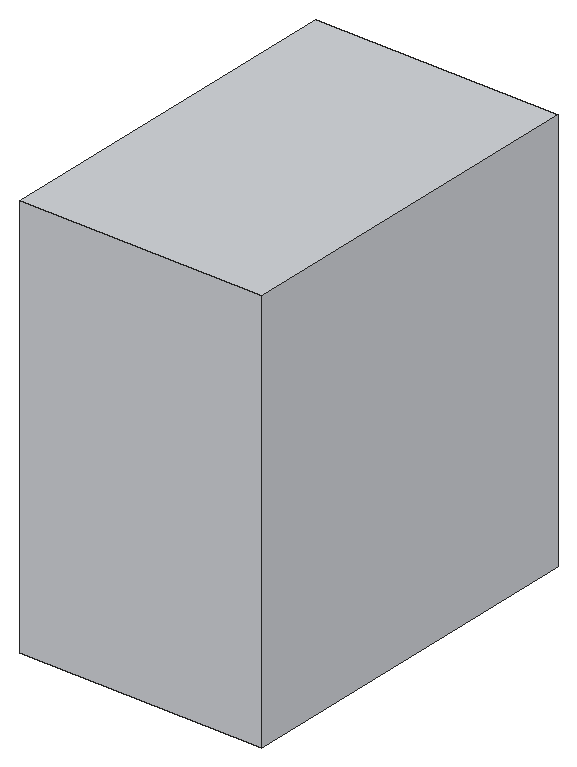
Revit family
Parameters
  Warranty Duration (Years) = 0
  Unit Width [instance] = 1' - 5 1/4"
  Unit Height [instance] = 4' - 8"
  Unit Depth = 0' - 0 1/4"
  URL = "http://www.americanspecialties.com/viewCategories.cfm"
  Trim Material = Metal - Stainless Steel
  Test Data = ""
  Specification = "http://www.arcat.com/sdspecs/htm/10810asi.htm"
  SpecWizard = ""
  Send Message = "http://www.arcat.com/users.pl?action=UserEmail&company=American%20Specialties,%20Inc.&coid=30448&rep=139&fax=914-476-0688&mf="
  Sales Information = "http://www.americanspecialties.com/contact"
  Revision = "R1_10-2010"
  Product Properties = "http://www.americanspecialties.com/datasheets/04697-4.pdf"
  Product Data = "http://www.arcat.com/arcatcos/cos30/arc30448.html"
  Model = "As Specified in 10 28 13"
  Manufacturer Website = "http://www.americanspecialties.com/viewCategories.cfm"
  Manufacturer Phone - Toll Free = ""
  Manufacturer Phone = "914-476-9000 "
  Manufacturer Fax = "914-476-0688"
  Manufacturer Address = "441 Saw Mill River Rd., Yonkers, NY 10701"
  Manufacturer = "American Specialties, Inc."
  Maintenance Schedule (Months) = 0
  Keynote = "10 28 13"
  Installation-Fabrication = "http://www.americanspecialties.com/products.cfm"
  Green Building-LEED = ""
  Expected Lifespan (Years) = 0
  Drawn By = "Robert S. Weygant. CSI, CDT, SCIP"  # constant formula
  Description = "Toilet Accessory as Specified in 10 28 13"
  Default Elevation = 4' - 0"
  Copyright = "©Arcat Inc."
  Construction Details = "http://www.arcat.com/green/clients/leed_data_30448.html"
  Building Codes = "http://www.americanspecialties.com/products.cfm"
  Body Material = Metal - Stainless Steel
  Assembly Code = "C1030210"
Reference planes (in)
  plane 1 "Center (Front/Back)": y = -0.29112
  plane 2 "Floor Line": z = 0
  plane 3 "Center (Left/Right)": x = -0.65843
Forms (in)
  Extrusion 1, solid
    sketch origin (-3, -9, -6) x (0, 0, -1) y (1, 0, 0)
      loop
        line (-82, 26) -> (-82, -19.34712) -> (-6, -19.34712) -> (-6, 26) -> (-82, 26)
    from 28.29112 to -41.06337
  Extrusion 2, solid, material "Metal - Stainless Steel" <- "Body Material"
    sketch origin (0, 4, 4) x (1, 0, 0) y (0, 1, 0)
      loop
        line (-8.28343, 22.70888) -> (-8.28343, -31.29112) -> (6.96657, -31.29112) -> (6.96657, 22.70888) -> (-8.28343, 22.70888)
    from 0 to -7.25
  Extrusion 3, solid, material "Metal - Stainless Steel" <- "Body Material"
    sketch origin (-0.90625, -0.29112, 4) x (1, 0, 0) y (0, 0, 1)
      loop
        line (-8.37718, 0) -> (8.87282, 0) -> (8.87282, 0.25) -> (-8.37718, 0.25) -> (-8.37718, 0)
    from -28 to 28
  Extrusion 4, void
    sketch origin (-0.65843, 6.99967, 4) x (0, 1, 0) y (0, 0, 1)
      loop
        line (-1.96119, -6.92367) -> (2.70888, 0) -> (2.70888, 0.9375) -> (-11.29079, 0.9375) -> (-11.29079, -6.92367)
        arc (-11.29079, -6.92367) -> (-10.07216, -6.39842) -> (-8.85354, -6.92367) r 1.67628
        line (-8.85354, -6.92367) -> (-1.96119, -6.92367)
    from -7.59375 to 7.59375
  Extrusion 5, void
    sketch origin (-36.75, 0.72623, 7.05372) x (1, 0, 0) y (0, 0.559193, 0.829038)
      loop
        arc (36.9789, -1.93171) -> (37.15918, -1.6799) -> (36.96663, -1.43734) r 0.25717
        line (36.96663, -1.43734) -> (36.21387, -1.43734)
        arc (36.21387, -1.43734) -> (33.33353, -0.76588) -> (30.45405, -1.44101) r 6.49582
        line (30.45405, -1.44101) -> (29.69611, -1.44101)
        arc (29.69611, -1.44101) -> (29.51617, -1.68772) -> (29.69972, -1.93175) r 0.25651
        line (29.69972, -1.93175) -> (30.47907, -1.93175)
        arc (30.47907, -1.93175) -> (33.3416, -2.19917) -> (36.20414, -1.93171) r 15.453
        line (36.20414, -1.93171) -> (36.9789, -1.93171)
    from -9.32112 to -9.1543
  Extrusion 6, solid, material "Metal - Stainless Steel" <- "Trim Material"
    sketch origin (-1.125, 0, 3.5625) x (1, 0, 0) y (0, 1, 0)
      loop
        circle (-5.15843, 17.70888) r 0.5
      loop
        line (-5.21525, 17.29024) -> (-5.10162, 17.29024) -> (-5.10162, 18.13975) -> (-5.21525, 18.13975) -> (-5.21525, 17.29024)
    from 0.6875 to 0.76916
  Extrusion 7, solid, material "Metal - Stainless Steel" <- "Body Material"
    sketch origin (0, 0, 4) x (1, 0, 0) y (0, 1, 0)
      loop
        line (-8.28343, 26.70888) -> (-8.28343, 9.70856) -> (6.96657, 9.70856) -> (6.96657, 26.70888) -> (-8.28343, 26.70888)
    from 0 to 0.25
  Extrusion 8, solid, material "Metal - Stainless Steel" <- "Body Material"
    sketch origin (0, 4, 8.5) x (1, 0, 0) y (0, 1, 0)
      loop
        line (-8.28343, -8.29112) -> (-8.28343, -31.29112) -> (6.96657, -31.29112) -> (6.96657, -8.29112) -> (-8.28343, -8.29112)
    from -3.75 to -11.75
  Extrusion 9, solid
    sketch origin (0, -0.31703, 1.02108) x (1, 0, 0) y (0, 1, 0)
      loop
        circle (-0.65843, -2.73301) r 0.5
      loop
        line (-0.71525, -2.31436) -> (-0.71525, -3.16387) -> (-0.60162, -3.16387) -> (-0.60162, -2.31436) -> (-0.71525, -2.31436)
    from -3.50004 to -3.27108
  Extrusion 10, void
    sketch origin (0, 0, 0) x (1, 0, 0) y (0, 1, 0)
      loop
        line (-8.25218, -4.29112) -> (-8.25218, -27.24581) -> (6.93532, -27.24581) -> (6.93532, -4.29112) -> (-8.25218, -4.29112)
    from -3.1553 to 4
  Extrusion 11, solid, material "Metal - Stainless Steel" <- "Body Material"
    sketch origin (0, 0, 0) x (1, 0, 0) y (0, 1, 0)
      loop
        line (-9.28343, 27.70888) -> (-9.28343, -28.29112) -> (7.96657, -28.29112) -> (7.96657, 27.70888) -> (-9.28343, 27.70888)
      loop
        line (-8.28343, 26.70888) -> (-8.28343, -27.29112) -> (6.96657, -27.29112) -> (6.96657, 26.70888) -> (-8.28343, 26.70888)
    from 0 to 4
  Extrusion 12, void
    sketch origin (0, 0, 0) x (1, 0, 0) y (0, 1, 0)
      loop
        line (-8.28343, -27.29112) -> (6.96657, -27.29112) -> (6.96657, 26.70888) -> (-8.28343, 26.70888) -> (-8.28343, -27.29112)
    from 0 to -3.25
Cuts and joins
  Extrusion 4, Extrusion 5, Extrusion 10 cuts Extrusion 2
  Extrusion 4, Extrusion 10 cuts Extrusion 3
  Extrusion 4 cuts Extrusion 7
  Extrusion 4, Extrusion 10 cuts Extrusion 8
Dimensions and locks (in)
  Extrusion 3 sketch curve to Extrusion 3 sketch curve = 1' - 5 1/4"
  aligned and locked: Extrusion 1 to level
